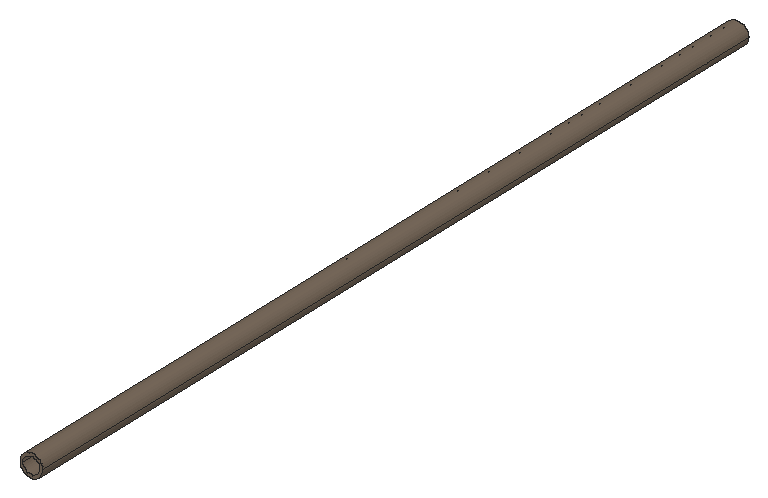
Revit family "111014001033286", category Modelos genéricos, Revit 2018
Family settings
  Puede alojar armadura = No
  Cota de conector redondo = Diámetro de uso
  Tipo de pieza = Normal
  Se basa en plano de trabajo = No
  Siempre vertical = No
  Corte con vacíos al cargar = No
  Compartido = No
  Punto de cálculo de habitación = No
Parameters (values of type "BARRA CLOSET PP C/ACERO 1" CAFE TIRA 1MT")
  Ventajas = ""
  Uso = "Se instala en los baños para colgar la cortina de las duchas.\r\nEn el caso de ser instalado en el closet, se utiliza para colgar la ropa"
  Unidad = "Tira 1.00 mts."
  URL = "https://www.empresascnp.cl/"
  Num SKUs = "111014001033286"
  Nombre SKU = "BARRA CLOSET PP C/ACERO 1\" CAFE TIRA 1MT"
  Modelo = "BARRA CLOSET PP C/ACERO 1\""
  Material = PP con acero cafe
  Url Ficha tecnica = "https://empresascnp.cl/wp-content/uploads//pdf/ficha-tecnica-barra-bano-pp-c-acero-1-blanco-tira-1-2mt.pdf"
  Largo = 1000.00 mm
  Espesor = 0.00 mm
  Empresa = "CNP SPA."
  Dureza = ""
  Dimension = 23.00 mm
  Descripción = "Barra closet pp c/acero 1\" 1M"
  Contacto = "info@empresascnp.cl"
  Color = "Café"
  Aplicacion = "Barra de  cortina para baños y uso en closet."
Reference planes
  plane 1 "Center F/B": y = 0
  plane 2: z = 0
  plane 3 "Center L/R": x = 0
  plane 4: z = 23
  plane 5 "2": y = 500
  plane 6 "3": y = -500
Forms (mm)
  Extrusion 1, solid, material "PP con acero cafe" <- "Material"
    sketch origin (0, 0, 0) x (1, 0, 0) y (0, 0, 1)
      loop
        circle (0, 25.4) r 12.7
      loop
        circle (0, 25.4) r 9.7
    from -500 to 500
Dimensions and locks
  "Dimension": plane 4 to level
  equal spacing: plane 6 "3", plane 1 "Center F/B", plane 5 "2"
  "Largo": plane 6 "3" to plane 5 "2"
  radius of Extrusion 1 sketch curve = 12.70 mm
  aligned and locked: plane 6 "3" to Extrusion 1
  aligned and locked: Extrusion 1 to plane 5 "2"
Automatic sketch dimensions
  Extrusion 1 sketch curve to plane 3 "Center L/R" = 0.00 mm
  level to Extrusion 1 sketch curve = 25.40 mm
  Extrusion 1 sketch curve to Extrusion 1 sketch curve = 0.00 mm  (x2)
  radius of Extrusion 1 sketch curve = 12.70 mm
  radius of Extrusion 1 sketch curve = 9.70 mm
